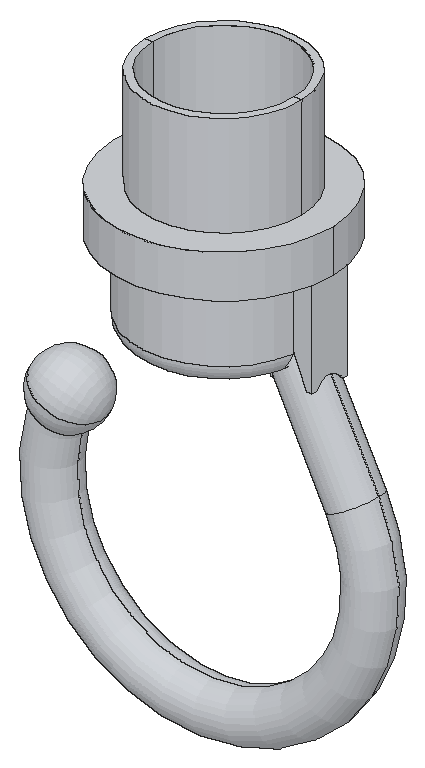
Revit family "MH1G", category Generic Models, Revit 2017
Family settings
  Can host rebar = No
  Round Connector Dimension = Use Diameter
  Part Type = Normal
  Work Plane-Based = Yes
  Always vertical = No
  Cut with Voids When Loaded = No
  Shared = No
  Room Calculation Point = No
Parameters (values of type "NBS Standard Parameters")
  Weight = "0.0975Kg"
  WarrantyStartDate [instance] = "1900-12-31T23:59:59"
  WarrantyGuarantorParts = "n/a"
  WarrantyGuarantorLabor = "n/a"
  WarrantyDurationUnit = "1 year"
  WarrantyDurationParts = "n/a"
  WarrantyDurationLabor = "n/a"
  WarrantyDescription = "n/a"
  Version = "1"
  Uniclass2 = "Pr_65_70_11_20"
  TagNumber [instance] = "n/a"
  SustainabilityPerformance = "n/a"
  Size = "20mm"
  Shape = "Circular"
  SerialNumber [instance] = "n/a"
  Revision = "n/a"
  ReplacementCost = "n/a"
  ProductInformation = "www.metpro.co.uk/pdf/mh1g.pdf"
  NominalWidth = 35 mm
  NominalLength = 17 mm
  NominalHeight = 52 mm
  Name = ""
  NBSTypeID = ""
  NBSReference = "90-55-10/460"
  NBSOfficeMasterTag = ""
  NBSNote = ""
  NBSDescription = "Conduit Fittings"
  NBSCertification = ""
  ModelReference = "MH1G"
  ModelNumber = "n/a"
  Material = "Zinc Die Cast"
  ManufacturerURL = "www.metpro.co.uk"
  ManufacturerName = "Metpro Ltd"
  Keynote = "Compliant to LU standard 1-085"
  InstallationDate [instance] = "1900-12-31T23:59:59"
  IfcExportType = ""
  IfcExportAs = ""
  Grade = "n/a"
  Finish = "BZP"
  Features = "n/a"
  ExpectedLife = "n/a"
  DurationUnit = "year"
  Description = "MH1G  - 20mm Male Hook"
  Default Elevation = 1219.2 mm
  Constituents = "n/a"
  Color = "n/a"
  CodePerformance = "n/a"
  Category = "n/a"
  BarCode [instance] = "n/a"
  BIMObjectName = "Metpro_Metprolibrary_Conduitfittings_metalcomponent_Steelaccessories"
  Author = "Metpro Ltd"
  AssetType = ""
  AssetIdentifier [instance] = "n/a"
  AccessibilityPerformance = "n/a"
Reference planes
  plane 1 "Center (Front/Back)": y = 0
  plane 2: z = 0
  plane 3 "Center (Left/Right)": x = 0
Forms (mm)
  Revolve 1, solid
    sketch origin (0, 5162.785, 5271.368) x (0, 0, -1) y (-1, 0, 0)
      loop
        line (5131.808, 100.3) -> (5146.808, 100.3) -> (5146.808, 99.095) -> (5159.409, 99.095)
        arc (5159.409, 99.095) -> (5161.105, 99.798) -> (5161.808, 101.494) r 2.399
        line (5161.808, 101.494) -> (5161.808, 103.423) -> (5160.808, 103.423) -> (5160.808, 101.494)
        arc (5160.808, 101.494) -> (5160.398, 100.505) -> (5159.409, 100.095) r 1.399
        line (5159.409, 100.095) -> (5147.808, 100.095) -> (5147.808, 101.3) -> (5131.808, 101.3) -> (5131.808, 100.3)
      axis (5131.808, 110.3) -> (5161.808, 110.3)
    angle from 0 to 360
  Sweep 2, solid
    path origin (0, 5162.785, 5271.368) x (0, 0, -1) y (-1, 0, 0)
      loop
        line (5159.447, 101.417) -> (5175.152, 93.415)
        arc (5175.152, 93.415) -> (5204.94, 111.67) -> (5175.152, 129.924) r 20.487
    profile origin (-97.416, 5162.785, 104.068) x (-0.891007, 0, -0.45399) y (0, 1, 0)
      loop
        circle (0, 0) r 3.2
  Extrusion 3, solid
    sketch origin (-110.3, 5162.785, 124.56) x (0, -1, 0) y (1, 0, 0)
      loop
        circle (0, 0) r 9
      loop
        circle (0, 0) r 14
    from -3.528 to 2
  Revolve 4, solid
    sketch origin (-129.924, 5162.785, 96.216) x (0, 1, 0) y (-0.891007, 0, 0.45399)
      loop
        arc (0.765, -4.562) -> (4.574, 0.694) -> (-0.682, 4.503) r 4.59
        line (-0.682, 4.503) -> (0.765, -4.562)
      axis (0.765, -4.562) -> (-0.682, 4.503)
    angle from 0 to 360
  Extrusion 5, solid
    sketch origin (-110.3, 5162.785, 121.032) x (1, 0, 0) y (0, -1, 0)
      loop
        line (9.859, -2.698) -> (13.798, -2.368) -> (13.371, 2.732) -> (7.848, 2.269) -> (9.859, -2.698)
    from 0 to 12.639
Dimensions and locks
  aligned and locked: level to plane 2
